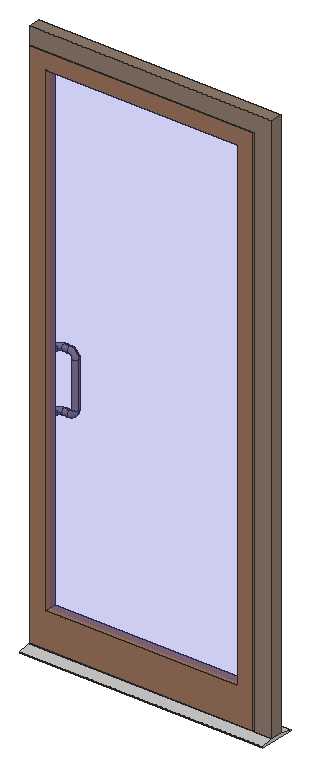
Revit family
Parameters (values of type "As Specified in the Contract Documents")
  ofst2 [instance] = abs(Offset from Exterior Wall Face - (Thickness / 2))  # 0' - 2"
  Top Rail [instance] = 0' - 2 3/4"
  Top RO Spacing = 0' - 0 1/4"
  Top Mechanism Height [instance] = if(Power Operation, 0' 7 1/2", 0' 3.13")  # 0' - 3.13"
  Threshold Width [instance] = 0' - 6"
  Threshold Material [instance] = Stainless Steel w Polished Finish - Ellison
  Thickness = 0' - 2"  # constant formula
  Stile Size [instance] = 0' - 2 3/4"
  SpecWizard = "http://www.arcat.com/specwizard/08480ell/index.htm?coid=32253&mf="
  Revision = "R1_10-2010"
  Right RO Spacing = 0' - 0.13"
  Warranty Duration (Years) = 0
  U_Factor [instance] = 0
  URL = "http://www.ellisonbronze.com/"
  Test Data = "http://www.ellisonbronze.com/newspecs/index.html"
  Specification = "http://www.arcat.com/sdspecs/htm/08480ell.htm"
  Send Message = "http://www.arcat.com/users.pl?action=UserEmail&company=Ellison%20Bronze,%20Inc.&coid=32253&rep=106&fax=716-665-5552&mf="
  Sales Information = "http://www.ellisonbronze.com/contact.html"
  SHGC [instance] = 0
  Rough Width = Width + Right RO Spacing + Left RO Spacing  # 3' - 6.29"
  Rough Height = Height + Right RO Spacing  # 8' - 1.13"
  R_Value [instance] = 0
  Product Properties = ""
  Product Data = "http://www.arcat.com/arcatcos/cos32/arc32253.html"
  Power Operation [instance] = no
  Panel Material = Wood - White Oak - Ellison
  Operation = "As Specified in 08 42 36"
  Muntin Width [instance] = 0' - 0 1/2"
  Model = "As Specified in 08 42 36"
  Minor Door Swing Y Start = Width * 0.507  # 1' - 7.71216"
  Minor Door Swing X Start = Width * 0.6157  # 1' - 11.93842"
  Minor Door Swing Radius = Width * 0.5367  # 1' - 8.8669"
  Manufacturer Website = "http://www.ellisonbronze.com/"
  Manufacturer Phone - Toll Free = "800-665-6445 "
  Manufacturer Phone = "716-665-6522 "
  Manufacturer Fax = "716-665-5552"
  Manufacturer Address = "125 W. Main St., Falconer, NY 14733"
  Manufacturer = "Ellison Bronze, Inc."
  Maintenance Schedule (Months) = 0
  Left RO Spacing = 0' - 3.28"
  Keynote = "08 42 36"
  Installation-Fabrication = "http://www.ellisonbronze.com/instmain.html"
  Installation Phase = "Exterior Enclosure"
  Height = 8' - 1"
  Has Muntins [instance] = no
  Has Miiddle Rail [instance] = no
  Hardware Finish [instance] = Cast Bronze, Polished, With Lacquer - Ellison
  Half Stile Size [instance] = Stile Size * 0.5  # 0' - 1 3/8"
  Green Building-LEED = "http://www.arcat.com/green/clients/leed_data_32253.html"
  Glass Thickness = if(Height < 9' 0.1", 0' 0 1/2", 0' 0 3/4")  # 0' - 0 1/2"
  Frame Material = Bronze Satin Finish w Clear Coat Finish - Ellison
  Fire Rating = "As Specified in 08 42 36"
  F588_Forced-Entry = "As Specified in 08 42 36"
  Expected Lifespan (Years) = 0
  E547_Water-Resistance = "As Specified in 08 42 36"
  E330_Structural-Test-Pressure = "As Specified in 08 42 36"
  E283_Air-Infiltration = "As Specified in 08 42 36"
  Drawn By = "Robert S. Weygant. CSI, CDT, SCIP"
  Door Glazing = Glass
  Description = "Wood Balanced Door"
  Wall Closure = (empty or 0)
  Width = 3' - 2.88"
  Copyright = "2010 ARCAT, Inc."
  Construction Details = "http://www.ellisonbronze.com/newspecs/index.html"
  Offset from Exterior Wall Face [instance] = -0' - 1"
  Bottom Rail [instance] = 0' - 6"
  Assembly Code = "B2020100"
  AAMA Conformance = "As Specified in 08 42 36"
Reference planes (in)
  plane 1 "Center (Front/Back)": y = 0.3125
  plane 2 "Center (Left/Right)": x = -0.64125
  plane 3 "Left": x = -21.72125
  plane 4 "Right": x = 17.15875
  plane 5 "Center": z = 47.27875
  plane 6 "Exterior": y = 2.3125
  plane 7 "Interior": y = -3.6875
  plane 8 "FrameRight": x = 20.43875
  plane 9 "FrameLeft": x = -21.85125
  plane 10 "FrameUpper": z = 97
  plane 11 "Top": z = 97.25
  plane 12: z = 93.87
  plane 13: z = 0.6875
Forms (in)
  Extrusion 1, solid, material "Wood - White Oak - Ellison" <- "Panel Material"
    sketch origin (0, 0.3125, 0) x (1, 0, 0) y (0, 0, 1)
      loop
        line (17.15875, 93.87) -> (-21.72125, 93.87) -> (-21.72125, 0.6875) -> (17.15875, 0.6875) -> (17.15875, 93.87)
      loop
        line (14.40875, 91.12) -> (-18.97125, 91.12) -> (-18.97125, 6.6875) -> (14.40875, 6.6875) -> (14.40875, 91.12)
    from -1 to 1
  Extrusion 2, solid, material "Glass" <- "Door Glazing"
    sketch origin (0, 0.3125, 0) x (1, 0, 0) y (0, 0, 1)
      loop
        line (17.15875, 93.87) -> (-21.72125, 93.87) -> (-21.72125, 0.6875) -> (17.15875, 0.6875) -> (17.15875, 93.87)
    from -0.25 to 0.25
  Extrusion 3, solid, material "Bronze Satin Finish w Clear Coat Finish - Ellison" <- "Frame Material"
    sketch origin (0, 0.3125, 3.125) x (1, 0, 0) y (0, 0, 1)
      loop
        line (20.43875, 93.875) -> (-21.85125, 93.875) -> (-21.85125, 90.87) -> (17.40875, 90.87) -> (17.40875, -2.625) -> (20.43875, -2.625) -> (20.43875, 93.875)
    from -1 to 1
  Extrusion 4, solid, material "Wood - White Oak - Ellison" <- "Panel Material", visible <- "Has Muntins"
    sketch origin (0, 0.3125, 0) x (1, 0, 0) y (0, 0, 1)
      loop
        line (-0.39125, 91.12) -> (-0.89125, 91.12) -> (-0.89125, 47.52875) -> (-18.97125, 47.52875) -> (-18.97125, 47.02875) -> (-0.89125, 47.02875) -> (-0.89125, 6.6875) -> (-0.39125, 6.6875) -> (-0.39125, 47.02875) -> (14.40875, 47.02875) -> (14.40875, 47.52875) -> (-0.39125, 47.52875) -> (-0.39125, 91.12)
    from -1 to 1
  Extrusion 5, solid, material "Stainless Steel w Polished Finish - Ellison" <- "Threshold Material"
    sketch origin (-0.64125, 0, 0) x (0, 1, 0) y (0, 0, 1)
      loop
        line (3.3125, 0) -> (3.3125, 0.19) -> (1.33515, 0.5) -> (-0.71015, 0.5) -> (-2.6875, 0.19) -> (-2.6875, 0) -> (3.3125, 0)
    from -21.21 to 21.08
  Extrusion 6, solid, material "Wood - White Oak - Ellison" <- "Panel Material", visible <- "Has Miiddle Rail"
    sketch origin (0, 0.3125, -3.71625) x (1, 0, 0) y (0, 0, 1)
      loop
        line (14.40875, 47.40375) -> (-18.97125, 47.40375) -> (-18.97125, 41.40375) -> (14.40875, 41.40375) -> (14.40875, 47.40375)
    from -1 to 1
Lines and regions (in)
  Opening 1
    outline origin (-95.7153, -3.6875, 0) x (1, 0, 0) y (0, 0, 1)
      loop
        line (73.86405, 97.25) -> (73.86405, 0) -> (116.15405, 0) -> (116.15405, 97.25) -> (73.86405, 97.25)
  symbolic lines, style "Elevation Swing"
    curve 1: line (-21.72125, 0, 93.87) -> (17.15875, 0, 47.27875)
    curve 2: line (-21.72125, 0, 0.6875) -> (17.15875, 0, 47.27875)
  symbolic lines, style "DoorsPanelProjection"
    curve 3: line (16.13107, -11.9375, 0) -> (14.13107, -11.9375, 0)
    curve 4: line (16.13107, -11.9375, 0) -> (16.13107, 26.9425, 0)
    curve 5: line (16.13107, 26.9425, 0) -> (14.13107, 26.9425, 0)
    curve 6: line (14.13107, -11.9375, 0) -> (14.13107, 26.9425, 0)
    curve 7: arc (-21.71923, 1.3125, 0) -> (-17.65467, 12.77509, 0) -> (-7.88967, 20.02466, 0) r 20.8669
  symbolic lines, style "Plan Swing"
    curve 8: arc (-7.88967, 20.02466, 0) -> (2.90967, 24.15534, 0) -> (14.13107, 26.9425, 0) r 94.93214
  symbolic lines, style "DoorsFrameMullionProjection"
    curve 9: line (20.43875, 1.3125, 0) -> (17.40875, 1.3125, 0)
    curve 10: line (20.43875, -0.6875, 0) -> (20.43875, 1.3125, 0)
    curve 11: line (17.40875, -0.6875, 0) -> (20.43875, -0.6875, 0)
    curve 12: line (17.40875, 1.3125, 0) -> (17.40875, -0.6875, 0)
  reference lines
    curve 13: line (14.40875, 0.3125, 6.6875) -> (14.40875, 0.3125, 111.6875)
    curve 14: line (-18.97125, 0.3125, 6.6875) -> (-18.97125, 0.3125, 111.6875)
    curve 15: line (4.04875, 0.3125, 91.12) -> (40.40875, 0.3125, 91.12)
    curve 16: line (4.04875, 0.3125, 6.6875) -> (45.40875, 0.3125, 6.6875)
Text (in)
  text "EXTERIOR" at (-79.42766, 23.47596, 0), in view "Ref. Level"
  text "INTERIOR" at (-79.42766, -17.27685, 0), in view "Ref. Level"
  text "Exterior" at (0, 47.2975, 123.29936), in view "Left"
  text "Exterior" at (0, 19.21628, 132.11189), in view "Right"
Dimensions and locks (in)
  host wall to plane 6 "Exterior" = 0' - 0"
  host wall to plane 7 "Interior" = 0' - 0"
  "Width": plane 3 "Left" to plane 4 "Right"
  equal spacing: plane 3 "Left", plane 2 "Center (Left/Right)", plane 8 "FrameRight"
  "Right RO Spacing": plane 9 "FrameLeft" to plane 3 "Left"
  "Left RO Spacing": plane 4 "Right" to plane 8 "FrameRight"
  "ofst2": plane 1 "Center (Front/Back)" to host wall
  locked: plane 13 to level at 0.6875
  equal spacing: plane 13, plane 5 "Center", plane 12
  "Thickness": Extrusion 1 to Extrusion 1
  "Width": curve 5 to curve 3
  "Glass Thickness": Extrusion 2 to Extrusion 2
  equal spacing: Extrusion 2, plane 1 "Center (Front/Back)", Extrusion 2
  equal spacing: Extrusion 1, plane 1 "Center (Front/Back)", Extrusion 1
  locked: curve 3 to plane 1 "Center (Front/Back)" at 12.25
  "Minor Door Swing Y Start": plane 1 "Center (Front/Back)" to curve 8
  "Muntin Width": Extrusion 4 sketch curve to Extrusion 4 sketch curve  (x2)
  equal spacing: Extrusion 4 sketch curve, plane 5 "Center", Extrusion 4 sketch curve
  equal spacing: Extrusion 4 sketch curve, plane 2 "Center (Left/Right)", Extrusion 4 sketch curve
  "Top Mechanism Height": plane 12 to plane 10 "FrameUpper"
  "Height": level to plane 10 "FrameUpper"
  "Top RO Spacing": plane 10 "FrameUpper" to plane 11 "Top"
  locked: curve 6 to plane 8 "FrameRight" at 6.30768
  "Thickness": curve 6 to curve 4
  "Stile Size": curve 13 to plane 4 "Right"
  "Stile Size": plane 3 "Left" to curve 14
  "Top Rail": curve 15 to plane 12
  "Bottom Rail": plane 13 to curve 16
  "Half Stile Size": plane 3 "Left" to nested 1
  equal spacing: Extrusion 5 sketch curve, plane 1 "Center (Front/Back)", Extrusion 5 sketch curve
  locked: Extrusion 5 sketch curve to level at 0.5
  Extrusion 5 sketch curve to plane 1 "Center (Front/Back)" to Extrusion 5 sketch curve = 0' - 1.02265" locked, 0' - 1.02265" locked
  "Threshold Width": Extrusion 5 to Extrusion 5
  level to Extrusion 6 sketch curve to Extrusion 6 sketch curve = 3' - 1 11/16" locked, 0' - 6" locked
  "Minor Door Swing Radius": radius of curve 7
  aligned and locked: Opening 1 sketch curve to plane 8 "FrameRight"
  aligned and locked: plane 9 "FrameLeft" to Opening 1 sketch curve
  aligned and locked: Opening 1 sketch curve to plane 11 "Top"
  aligned and locked: level to Opening 1 sketch curve
  aligned and locked: plane 4 "Right" to curve 2
  aligned and locked: plane 5 "Center" to curve 2
  aligned and locked: Extrusion 1 to curve 7
  aligned and locked: host wall to plane 7 "Interior"
  aligned and locked: plane 6 "Exterior" to host wall
  aligned and locked: curve 5 to curve 8
  aligned and locked: Extrusion 4 sketch curve to Extrusion 4 sketch curve  (x4)
  aligned and locked: Extrusion 3 to curve 9
  aligned and locked: curve 9 to Extrusion 3
  aligned and locked: curve 12 to Extrusion 3  (x2)
  aligned and locked: Extrusion 1 sketch curve to curve 13
  aligned and locked: Extrusion 1 sketch curve to curve 14
  aligned and locked: Extrusion 1 sketch curve to curve 16
  aligned and locked: Extrusion 1 sketch curve to curve 15
  aligned and locked: curve 13 to Extrusion 4 sketch curve
  aligned and locked: Extrusion 4 sketch curve to curve 14
  aligned and locked: curve 15 to Extrusion 4 sketch curve
  aligned and locked: Extrusion 4 sketch curve to curve 16
  aligned and locked: Extrusion 5 to plane 8 "FrameRight"
  aligned and locked: Extrusion 5 to plane 9 "FrameLeft"
  aligned and locked: Extrusion 6 sketch curve to curve 14
  aligned and locked: curve 13 to Extrusion 6 sketch curve
  aligned and locked: Extrusion 1 to Extrusion 4  (x2)
  aligned and locked: Extrusion 1 to Extrusion 6  (x2)
  aligned and locked: Extrusion 3 to Extrusion 1  (x2)
Automatic sketch dimensions
  curve 1 to plane 3 "Left" = 0' - 0"
  curve 1 to plane 12 = 0' - 0"
  curve 2 to plane 3 "Left" = 0' - 0"
  curve 2 to plane 13 = 0' - 0"
  curve 7 to plane 1 "Center (Front/Back)" = 0' - 0.06016"
  curve 7 to plane 2 "Center (Left/Right)" = 0' - 0.23226"
  curve 8 to plane 8 "FrameRight" = 0' - 10.92301"
  Extrusion 1 sketch curve to plane 3 "Left" = 0' - 0"
  Extrusion 1 sketch curve to plane 4 "Right" = 0' - 0"
  Extrusion 1 sketch curve to plane 13 = 0' - 0"
  Extrusion 1 sketch curve to plane 12 = 0' - 0"
  Extrusion 3 sketch curve to plane 9 "FrameLeft" = 0' - 0"
  Extrusion 3 sketch curve to plane 8 "FrameRight" = 0' - 0"
  Extrusion 3 sketch curve to plane 10 "FrameUpper" = 0' - 0"
  Extrusion 3 sketch curve to plane 4 "Right" = 0' - 0 1/4"
  plane 12 to Extrusion 3 sketch curve = 0' - 0 1/8"
  Extrusion 3 sketch curve to plane 13 = 0' - 0 3/16"
  plane 2 "Center (Left/Right)" to curve 15 = 0' - 4.69"
  plane 2 "Center (Left/Right)" to curve 16 = 0' - 4.69"
  curve 15 to plane 8 "FrameRight" = 1' - 7.97"
  curve 16 to plane 8 "FrameRight" = 2' - 0.97"
  plane 13 to curve 14 = 0' - 6"
  plane 11 "Top" to curve 14 = 1' - 2 7/16"
  plane 11 "Top" to curve 13 = 1' - 2 7/16"
  Extrusion 5 sketch curve to level = 0' - 0"
  host wall to Extrusion 5 sketch curve = 0' - 2"
  level to Extrusion 5 sketch curve = 0' - 0.19"  (x2)
  Extrusion 2 sketch curve to plane 3 "Left" = 0' - 0"
  Extrusion 2 sketch curve to plane 4 "Right" = 0' - 0"
  Extrusion 2 sketch curve to plane 13 = 0' - 0"
  Extrusion 2 sketch curve to plane 12 = 0' - 0"
Nested families (in)
  nested 1: "Handle_Offset_Ellison" at (-20.34625, 1.3125, 40.68751) x (1, 0, 0) z (0, 1, 0), type "Handle_Offset_Ellison"
Definition of nested family "Handle_Offset_Ellison"
  Parameters
    Material = none
    Default Elevation = 4' - 0"
  Reference planes (in)
    plane 1 "Center (Front/Back)": y = 0
    plane 2: z = 0
    plane 3 "Center (Left/Right)": x = 0
  Forms (in)
    Sweep 1, solid, material <- "Material"
      path origin (0, 0, 0) x (1, 0, 0) y (0, 1, 0)
        loop
          line (1, -4.99999) -> (2, -4.99999)
          arc (2, -4.99999) -> (2.70635, -4.70785) -> (3, -4.00213) r 1
          line (3, -4.00213) -> (3, 3.99999)
          arc (3, 3.99999) -> (2.7071, 4.70709) -> (2, 4.99999) r 1
          line (2, 4.99999) -> (1, 4.99999)
      profile "PR-Circle : PR-Circle" origin (1.5, 4.99999, 0) x (0, -1, 0) y (0, 0, 1)
        loop
          circle (0, 2.5) r 0.5
    Sweep 2, solid, material <- "Material"
      path origin (2.99999, -7.49999, -2.49999) x (-1, 0, 0) y (0, 0, 1)
        loop
          arc (2, 4.99999) -> (2.70635, 4.70785) -> (3, 4.00213) r 1
          line (3, 4.00213) -> (3, 2.49999)
      profile "PR-Circle : PR-Circle" origin (0.29365, -7.49999, 2.20787) x (-0.706347, 0, 0.707865) y (0, 1, 0)
        loop
          circle (0, 2.5) r 0.5
    Sweep 3, solid, material <- "Material"
      path origin (2.99999, 7.49999, -2.49999) x (-1, 0, 0) y (0, 0, -1)
        loop
          arc (2, -4.99999) -> (2.70635, -4.70785) -> (3, -4.00213) r 1
          line (3, -4.00213) -> (3, -2.49999)
      profile "PR-Circle : PR-Circle" origin (0.29365, 7.49999, 2.20787) x (0.706347, 0, -0.707865) y (0, -1, 0)
        loop
          circle (0, 2.5) r 0.5
  Cuts and joins
    joined: Sweep 1, Sweep 2, Sweep 3
